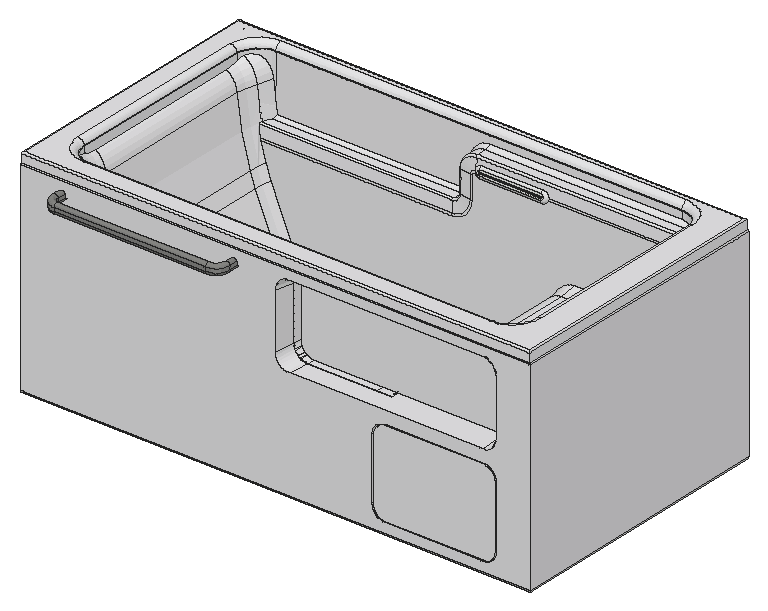
Revit family "Bath-Alcove-KOHLER-ALEUTIAN-K-24457T_1", category Plumbing Fixtures, host Face, Revit 2022
Family settings
  Host = Face
  Round Connector Dimension = Use Diameter
  Part Type = Normal
  OmniClass Number = 23.31.15.00
  OmniClass Title = Bathtubs
  Cut with Voids When Loaded = No
  Maintain Annotation Orientation = No
  Shared = No
  Room Calculation Point = No
Parameters (values of type "0-White")
  Width = 59 35/256"  # constant formula
  WaterSense Certified = 1 = 0  # no
  Waste Water Outlet = "Waste Water Outlet"  # constant formula
  Waste Connection = 1 = 1  # yes
  WFU = 0  # constant formula
  Vent Connection = 1 = 0  # no
  URL = "https://www.kohlerasiapacific.com/"
  Type = 1
  Product Page URL = "https://www.kohlerasiapacific.com/productDetails/24457T-FD?skuid=24457T-FD-0"
  Product Name = "ALEUTIAN"  # constant formula
  Product Documentation Link = "https://resources.kohler.com/plumbing/kohlerapac/pdf/family%20care%20bath%201.5m%203in1.pdf"
  Model = "K-24457T-FD-0"  # constant formula
  Material = "Acrylic"  # constant formula
  Master Format 2014 Name = "Residential Bathtubs"  # constant formula
  Master Format 2014 = "22 41 19"  # constant formula
  Manufacturer Address = "No. 158 Jiang Chang San Road, Zhabei District, Shanghai, China"  # constant formula
  Manufacturer = "KOHLER Co."  # constant formula
  Length = 34 3/32"  # constant formula
  Hot Water Inlet = "Hot Water Inlet"  # constant formula
  Height = 24 253/256"  # constant formula
  HWFU = 0  # constant formula
  HW Connection = 1 = 0  # no
  Finish = KOHLER-Acrylic-0-White
  Environmental Product Declaration = ""
  Drain Included = 1 = 1  # yes
  Description = "Integrated Bath 1.5m - Left Alcove w/ 3-in-1 Integrated Drain"  # constant formula
  Default Elevation = 0"
  Declare Label = ""
  Date Modified = "02/18/2022"  # constant formula
  Date Created = "02/18/2022"  # constant formula
  Copyright = "Copyright KOHLER Co."  # constant formula
  Contact Us = "https://www.kohlerasiapacific.com/contact-us"
  Cold Water Inlet = "Cold Water Inlet"  # constant formula
  CW Connection = 1 = 0  # no
  Assembly Code = "D2010500"
  ADA Compliant = 1 = 0  # no
Reference planes (in)
  plane 1 "Center (Front/Back)": y = 0
  plane 2: z = 0
  plane 3 "Center (Left/Right)": x = 0
  plane 4: y = 15.78763
  plane 5: y = -18.30612
  plane 6: x = -29.56836
  plane 7: x = 29.56836
  plane 8: y = 0.61609
  plane 9: y = -15.78763
  plane 10: z = 24.98828
  plane 11: z = 23.81873
  plane 12: z = 22.69989
  plane 13: z = 21.59783
  plane 14: x = -2.5986
  plane 15: x = -27.24905
  plane 16: x = 26.39625
  plane 17: y = 14.99791
  plane 18: y = -13.76805
  plane 19: z = 21.24861
  plane 20: z = 4.5674
  plane 21: z = 2.62323
  plane 22: x = -25.13228
Dimensions and locks (in)
  plane 8 to plane 9 = 16.40372"
  "Length": plane 4 to plane 5
  "Width": plane 6 to plane 7
  equal spacing: plane 6, plane 3 "Center (Left/Right)", plane 7
  equal spacing: plane 9, plane 1 "Center (Front/Back)", plane 4
  "Height": plane 10 to level
  plane 14 to plane 6 = 26.96976"
  plane 22 to plane 6 = 4.43608"
  aligned and locked: plane 2 to host face
  aligned and locked: level to host face
Automatic sketch dimensions
  host sketch curve to host sketch curve = 96"  (x2)
Nested families (in)
  nested 1: "K-24457T" at (0, 0, -0.3937), type "K-24457T"
Connectors (in)
  piping at (-2.5986, 0.61609, 2.62323), diameter 1.32813, driven by "Waste Connection", driven by "Waste Water Outlet"
    settings: on nested 1, index 1, connector inside diameter 24", connector length 0", flow factor 0, pipe flow 0 GPM, pressure drop 0.00 psi, fitting loss kfactor 0, connector angle 0.00°, fixture units 0, engagement length 0", angle of deflection 0.00°, flow configuration 0, flow direction 2, fitting loss method 0, system type 16, joint type 0, gender type 0, connector reference index -1, connector utility 1, adjustable connector no, is connector primary yes, connector description "Waste Water Outlet"
Definition of nested family "K-24457T"
  Parameters (values of type "K-24457T")
    Material = none
    Default Elevation = 0"
  Reference planes (in)
    plane 1 "Center (Front/Back)": y = 0
    plane 2: z = 0
    plane 3 "Center (Left/Right)": x = 0
    plane 4: y = 15.78763
    plane 5: x = -29.56785
    plane 6: x = 29.56785
    plane 7: y = -15.78763
    plane 8: z = 25.38264
    plane 9: x = -2.5986
    plane 10: y = 14.99791
    plane 11: y = 12.56379
    plane 12: y = 12.03174
    plane 13: y = -11.15573
    plane 14: y = -13.76805
    plane 15: y = -18.30677
    plane 16: x = -27.24905
    plane 17: x = -20.55012
    plane 18: x = -18.68966
    plane 19: x = 25.54777
    plane 20: x = 26.39625
    plane 21: z = 23.09376
    plane 22: z = 13.38583
    plane 23: z = 11.9685
    plane 24: z = 1.69291
    plane 25: z = 24.2126
    plane 26: z = 0.3937
    plane 27: y = 0.61609
    plane 28: z = 21.64248
    plane 29: z = 5.06768
  Forms (in)
    Sweep 1, solid, material <- "Material", detail levels medium+fine
      path origin (0, 0, 0) x (1, 0, 0) y (0, 1, 0)
        loop
          arc (23.16065, -12.94934) -> (24.95069, -12.20788) -> (25.69215, -10.41784) r 2.5315
          line (25.69215, -10.41784) -> (25.69215, 11.6477)
          arc (25.69215, 11.6477) -> (24.95069, 13.43774) -> (23.16065, 14.1792) r 2.5315
          line (23.16065, 14.1792) -> (-23.89884, 14.1792)
          arc (-23.89884, 14.1792) -> (-25.68888, 13.43774) -> (-26.43034, 11.6477) r 2.5315
          line (-26.43034, 11.6477) -> (-26.43034, -10.41784)
          arc (-26.43034, -10.41784) -> (-25.68888, -12.20788) -> (-23.89884, -12.94934) r 2.5315
          line (-23.89884, -12.94934) -> (23.16065, -12.94934)
      profile origin (-0.36909, -12.94934, 0) x (0, -1, 0) y (0, 0, 1)
        loop
          line (0.01724, 24.60225) -> (-0.40532, 0.3937) -> (0.62186, 0.3937)
          arc (0.62186, 0.3937) -> (0.76105, 0.45136) -> (0.81871, 0.59055) r 0.19685
          line (0.81871, 0.59055) -> (0.81871, 25.38311) -> (0.74904, 25.38311)
          arc (0.74904, 25.38311) -> (0.24848, 25.18427) -> (0.0208, 24.69615) r 0.72949
          arc (0.0208, 24.69615) -> (0.01854, 24.64922) -> (0.01724, 24.60225) r 2.29868
    Sweep 2, solid, material <- "Material", detail levels medium+fine
      path origin (0, 0, 0) x (1, 0, 0) y (0, 1, 0)
        loop
          line (29.56601, -15.78763) -> (29.56601, 15.78717) -> (-29.56785, 15.78717) -> (-29.56785, -15.78763) -> (29.56601, -15.78763)
      profile origin (29.56601, -0.00023, 0) x (-1, 0, 0) y (0, 0, 1)
        loop
          line (0.07874, 24.2126) -> (0.19811, 24.2126)
          arc (0.19811, 24.2126) -> (0.05802, 24.15457) -> (0, 24.01449) r 0.19811
          line (0, 24.01449) -> (0, 0.59055)
          arc (0, 0.59055) -> (0.05766, 0.45136) -> (0.19685, 0.3937) r 0.19685
          line (0.19685, 0.3937) -> (0.49213, 0.3937) -> (0.49213, 25.38311) -> (0.30971, 25.38311)
          arc (0.30971, 25.38311) -> (0.17297, 25.32786) -> (0.11298, 25.19313) r 0.19685
          line (0.11298, 25.19313) -> (0.07874, 24.2126)
    Sweep 3, solid, material <- "Material", detail levels medium+fine
      path origin (0, 0, 0) x (1, 0, 0) y (0, 0, 1)
        loop
          line (-26.26751, 18.19259) -> (-1.85806, 18.19259)
          arc (-1.85806, 18.19259) -> (-1.44414, 18.36193) -> (-1.2676, 18.77283) r 0.59055
          line (-1.2676, 18.77283) -> (-1.22025, 21.48429)
          arc (-1.22025, 21.48429) -> (-0.57294, 22.99093) -> (0.94478, 23.61184) r 2.16535
          line (0.94478, 23.61184) -> (28.50383, 23.61184)
      profile origin (-14.06278, 0, 18.19259) x (0, 0, 1) y (0, -1, 0)
        loop
          line (-0.19067, -13.52942) -> (-0.19067, -12.36701)
          arc (-0.19067, -12.36701) -> (-0.24158, -12.2349) -> (-0.36798, -12.17113) r 0.19685
          line (-0.36798, -12.17113) -> (-1.63443, -12.04481)
          arc (-1.63443, -12.04481) -> (-1.76563, -12.03501) -> (-1.89716, -12.03174) r 2.6471
          line (-1.89716, -12.03174) -> (-1.96232, -12.03174) -> (-1.96232, -14.68761) -> (0.58301, -14.68761) -> (0.58301, -14.40463) -> (0.24172, -14.23224)
          arc (0.24172, -14.23224) -> (-0.07391, -13.94201) -> (-0.19067, -13.52942) r 0.7874
    Extrusion 4, solid, material <- "Material", detail levels medium+fine
      sketch origin (0, 0, 0) x (1, 0, 0) y (0, 0, 1)
        loop
          line (-26.26751, 16.23027) -> (-26.26751, 0.3937) -> (28.50383, 0.3937) -> (28.50383, 21.64952) -> (0.94478, 21.64952)
          arc (0.94478, 21.64952) -> (0.80247, 21.5913) -> (0.74177, 21.45003) r 0.20304
          line (0.74177, 21.45003) -> (0.69442, 18.73857)
          arc (0.69442, 18.73857) -> (-0.06873, 16.9623) -> (-1.85806, 16.23027) r 2.55287
          line (-1.85806, 16.23027) -> (-26.26751, 16.23027)
      from -14.68761 to -12.03174
    Sweep 5, solid, material <- "Material", detail levels medium+fine
      path origin (0, 1.23031, 0) x (1, 0, 0) y (0, 0, -1)
        loop
          line (-26.26751, -18.19259) -> (-1.85806, -18.19259)
          arc (-1.85806, -18.19259) -> (-1.44414, -18.36193) -> (-1.2676, -18.77283) r 0.59055
          line (-1.2676, -18.77283) -> (-1.22025, -21.48429)
          arc (-1.22025, -21.48429) -> (-0.57294, -22.99093) -> (0.94478, -23.61184) r 2.16535
          line (0.94478, -23.61184) -> (28.50383, -23.61184)
      profile origin (-14.06278, 1.23031, 18.19259) x (0, 0, -1) y (0, 1, 0)
        loop
          arc (0.19067, -13.52942) -> (0.07391, -13.94201) -> (-0.24172, -14.23224) r 0.7874
          line (-0.24172, -14.23224) -> (-0.58301, -14.40463) -> (-0.58301, -14.68761) -> (1.96232, -14.68761) -> (1.96232, -12.03174) -> (1.89716, -12.03174)
          arc (1.89716, -12.03174) -> (1.76563, -12.03501) -> (1.63443, -12.04481) r 2.6471
          line (1.63443, -12.04481) -> (0.36798, -12.17113)
          arc (0.36798, -12.17113) -> (0.24158, -12.2349) -> (0.19067, -12.36701) r 0.19685
          line (0.19067, -12.36701) -> (0.19067, -13.52942)
    Extrusion 6, solid, material <- "Material", detail levels medium+fine
      sketch origin (0, 1.23031, 0) x (1, 0, 0) y (0, 0, -1)
        loop
          line (-26.26751, -16.23027) -> (-1.85806, -16.23027)
          arc (-1.85806, -16.23027) -> (-0.06873, -16.9623) -> (0.69442, -18.73857) r 2.55287
          line (0.69442, -18.73857) -> (0.74177, -21.45003)
          arc (0.74177, -21.45003) -> (0.80247, -21.5913) -> (0.94478, -21.64952) r 0.20304
          line (0.94478, -21.64952) -> (28.50383, -21.64952) -> (28.50383, -0.3937) -> (-26.26751, -0.3937) -> (-26.26751, -16.23027)
      from -14.65606 to -12.03174
    Sweep 7, solid, material <- "Material", detail levels medium+fine
      path origin (0, 0, 0) x (1, 0, 0) y (0, 0, 1)
        loop
          line (26.43034, 24.60228) -> (25.66509, 15.85543)
          arc (25.66509, 15.85543) -> (25.07617, 14.63447) -> (23.82607, 14.11026) r 1.91307
          line (23.82607, 14.11026) -> (12.45388, 13.71314)
          arc (12.45388, 13.71314) -> (11.13064, 13.13777) -> (10.55528, 11.81453) r 1.9685
          line (10.55528, 11.81453) -> (10.37477, 6.64546)
          arc (10.37477, 6.64546) -> (9.96766, 5.6733) -> (9.01902, 5.21404) r 1.48932
          arc (9.01902, 5.21404) -> (-4.83552, 4.59796) -> (-18.68966, 5.2229) r 154.97601
          arc (-18.68966, 5.2229) -> (-19.82526, 5.6273) -> (-20.62386, 6.53028) r 2.41471
          arc (-20.62386, 6.53028) -> (-21.98524, 9.45527) -> (-23.13116, 12.47119) r 44.50953
          arc (-23.13116, 12.47119) -> (-23.40091, 13.2706) -> (-23.6684, 14.07077) r 297.32486
          arc (-23.6684, 14.07077) -> (-24.66509, 17.8032) -> (-25.206, 21.62837) r 32.08661
          arc (-25.206, 21.62837) -> (-26.08405, 23.43279) -> (-27.95304, 24.16339) r 2.75591
          line (-27.95304, 24.16339) -> (-29.2531, 24.16339)
      profile origin (18.13998, 0, 13.9117) x (0.0349, 0, -0.999391) y (0, -1, 0)
        loop
          line (0, 8.87975) -> (0, -10.11193)
          arc (0, -10.11193) -> (-0.11959, -11.3086) -> (-0.47363, -12.45794) r 6.04704
          arc (-0.47363, -12.45794) -> (-0.86605, -13.5173) -> (-1.16462, -14.60685) r 12.94438
          line (-1.16462, -14.60685) -> (0.09843, -14.60685) -> (0.09843, 13.42574) -> (-1.16462, 13.42574)
          arc (-1.16462, 13.42574) -> (-1.03627, 12.39801) -> (-0.65563, 11.43478) r 4.11948
          arc (-0.65563, 11.43478) -> (-0.16652, 10.19865) -> (0, 8.87975) r 5.30632
    Extrusion 8, solid, material <- "Material", detail levels medium+fine
      sketch origin (0, 0, 0) x (1, 0, 0) y (0, 1, 0)
        loop
          line (29.07388, -15.29551) -> (29.07388, 15.29504) -> (-29.07573, 15.29504) -> (-29.07573, -15.29551) -> (29.07388, -15.29551)
        loop
          line (-27.24905, 11.6477) -> (-27.24905, -10.41784)
          arc (-27.24905, -10.41784) -> (-26.2678, -12.78679) -> (-23.89884, -13.76805) r 3.35021
          line (-23.89884, -13.76805) -> (23.16065, -13.76805)
          arc (23.16065, -13.76805) -> (25.52961, -12.78679) -> (26.51086, -10.41784) r 3.35021
          line (26.51086, -10.41784) -> (26.51086, 11.6477)
          arc (26.51086, 11.6477) -> (25.52961, 14.01666) -> (23.16065, 14.99791) r 3.35021
          line (23.16065, 14.99791) -> (-23.89884, 14.99791)
          arc (-23.89884, 14.99791) -> (-26.2678, 14.01666) -> (-27.24905, 11.6477) r 3.35021
      from 0.3937 to 25.38311
    Extrusion 9, void
      sketch origin (0, 0, 0) x (1, 0, 0) y (0, 0, 1)
        loop
          line (28.50383, -0.3937) -> (28.50383, 24.2126) -> (-30.1584, 24.2126) -> (-30.1584, -0.3937) -> (28.50383, -0.3937)
      from -17.47002 to 15.00023
    Extrusion 10, void
      sketch origin (0, 0, 0) x (1, 0, 0) y (0, 0, 1)
        loop
          line (-30.35525, -1.1811) -> (28.50383, -1.1811) -> (28.50383, 24.2126) -> (26.39625, 24.2126) -> (25.66509, 15.85543)
          arc (25.66509, 15.85543) -> (25.07617, 14.63447) -> (23.82607, 14.11026) r 1.91307
          line (23.82607, 14.11026) -> (12.45388, 13.71314)
          arc (12.45388, 13.71314) -> (11.13064, 13.13777) -> (10.55528, 11.81453) r 1.9685
          line (10.55528, 11.81453) -> (10.37477, 6.64546)
          arc (10.37477, 6.64546) -> (9.96766, 5.6733) -> (9.01902, 5.21404) r 1.48932
          arc (9.01902, 5.21404) -> (-4.83552, 4.59796) -> (-18.68966, 5.2229) r 154.97601
          arc (-18.68966, 5.2229) -> (-19.82526, 5.6273) -> (-20.62386, 6.53028) r 2.41471
          arc (-20.62386, 6.53028) -> (-21.98524, 9.45527) -> (-23.13116, 12.47119) r 44.50953
          arc (-23.13116, 12.47119) -> (-23.40091, 13.2706) -> (-23.6684, 14.07077) r 297.32486
          arc (-23.6684, 14.07077) -> (-24.61725, 17.57237) -> (-25.16476, 21.1587) r 32.08661
          arc (-25.16476, 21.1587) -> (-25.72528, 22.71994) -> (-26.96515, 23.82193) r 3.3556
          arc (-26.96515, 23.82193) -> (-27.50513, 24.05538) -> (-28.072, 24.2126) r 4.28115
          line (-28.072, 24.2126) -> (-30.35525, 24.2126) -> (-30.35525, -1.1811)
      from -17.48059 to 15.00023
    Sweep 11, solid, material <- "Material", detail levels medium+fine
      path origin (0, 0, 0) x (1, 0, 0) y (0, 1, 0)
        loop
          line (21.14012, 15.78717) -> (14.84776, 15.78717)
          arc (14.84776, 15.78717) -> (12.38033, 14.76513) -> (11.35829, 12.2977) r 3.48948
          line (11.35829, 12.2977) -> (11.35829, -9.34471)
          arc (11.35829, -9.34471) -> (12.37998, -11.81129) -> (14.84656, -12.83299) r 3.48828
          line (14.84656, -12.83299) -> (21.13598, -12.83299)
          arc (21.13598, -12.83299) -> (23.60247, -11.81133) -> (24.62412, -9.34485) r 3.48814
          line (24.62412, -9.34485) -> (24.62412, 12.30318)
          arc (24.62412, 12.30318) -> (23.60368, 14.76673) -> (21.14012, 15.78717) r 3.48399
      profile origin (11.35829, 1.47649, 0) x (1, 0, 0) y (0, 0, 1)
        loop
          line (0.3269, 9.52635) -> (0.71182, 2.18151)
          arc (0.71182, 2.18151) -> (0.80917, 1.97035) -> (1.02513, 1.88419) r 0.31374
          line (1.02513, 1.88419) -> (1.5748, 1.88419) -> (1.5748, 8.00623) -> (1.15733, 8.00623)
          arc (1.15733, 8.00623) -> (0.94156, 8.09231) -> (0.84431, 8.30328) r 0.31345
          line (0.84431, 8.30328) -> (0.77232, 9.67684)
          arc (0.77232, 9.67684) -> (0.67479, 9.88841) -> (0.4584, 9.97474) r 0.31435
          line (0.4584, 9.97474) -> (0.03939, 9.97474)
          arc (0.03939, 9.97474) -> (0.01154, 9.9632) -> (0, 9.93535) r 0.03939
          line (0, 9.93535) -> (0, 9.79757)
          arc (0, 9.79757) -> (0.01148, 9.76973) -> (0.03925, 9.75808) r 0.03949
          arc (0.03925, 9.75808) -> (0.0115, 9.74659) -> (0, 9.71883) r 0.03925
          line (0, 9.71883) -> (0, 9.63955)
          arc (0, 9.63955) -> (0.01137, 9.61209) -> (0.03883, 9.60072) r 0.03883
          line (0.03883, 9.60072) -> (0.24852, 9.60072)
          arc (0.24852, 9.60072) -> (0.30255, 9.57917) -> (0.3269, 9.52635) r 0.07848
    Extrusion 12, solid, material <- "Material", detail levels medium+fine
      sketch origin (0, 0, 0) x (1, 0, 0) y (0, 1, 0)
        loop
          arc (23.04932, 12.30318) -> (22.49013, 13.65318) -> (21.14012, 14.21237) r 1.90919
          line (21.14012, 14.21237) -> (14.84776, 14.21237)
          arc (14.84776, 14.21237) -> (13.49388, 13.65157) -> (12.93309, 12.2977) r 1.91467
          line (12.93309, 12.2977) -> (12.93309, -9.34471)
          arc (12.93309, -9.34471) -> (13.49353, -10.69774) -> (14.84656, -11.25818) r 1.91347
          line (14.84656, -11.25818) -> (21.13598, -11.25818)
          arc (21.13598, -11.25818) -> (22.48891, -10.69778) -> (23.04932, -9.34485) r 1.91334
          line (23.04932, -9.34485) -> (23.04932, 12.30318)
      from 1.88419 to 8.00623
    Blend 13, void
      base sketch origin (0, 0, 0) x (1, 0, 0) y (0, 0, 1)
        loop
          arc (1.90753, 22.73722) -> (0.79398, 22.27597) -> (0.33273, 21.16241) r 1.5748
          line (0.33273, 21.16241) -> (0.33273, 14.96063)
          arc (0.33273, 14.96063) -> (0.79397, 13.84708) -> (1.90753, 13.38583) r 1.5748
          line (1.90753, 13.38583) -> (23.75992, 13.38583)
          arc (23.75992, 13.38583) -> (24.87347, 13.84708) -> (25.33472, 14.96063) r 1.5748
          line (25.33472, 14.96063) -> (25.33472, 21.16241)
          arc (25.33472, 21.16241) -> (24.87347, 22.27597) -> (23.75992, 22.73722) r 1.5748
          line (23.75992, 22.73722) -> (1.90753, 22.73722)
      top sketch origin (0, 0, 0) x (1, 0, 0) y (0, 0, 1)
        loop
          line (24.03847, 23.01577) -> (1.62897, 23.01577)
          arc (1.62897, 23.01577) -> (0.51542, 22.55453) -> (0.05417, 21.44097) r 1.5748
          line (0.05417, 21.44097) -> (0.05417, 14.96891)
          arc (0.05417, 14.96891) -> (0.51784, 13.8495) -> (1.63725, 13.38583) r 1.58308
          line (1.63725, 13.38583) -> (24.03188, 13.38583)
          arc (24.03188, 13.38583) -> (25.1501, 13.84901) -> (25.61328, 14.96722) r 1.5814
          line (25.61328, 14.96722) -> (25.61328, 21.44097)
          arc (25.61328, 21.44097) -> (25.15203, 22.55453) -> (24.03847, 23.01577) r 1.5748
      from 12.42604 to 15.78763
    Extrusion 14, void
      sketch origin (0, 0, 0) x (1, 0, 0) y (0, 0, 1)
        loop
          line (11.21955, 10.3937) -> (11.21955, 3.28391)
          arc (11.21955, 3.28391) -> (11.68554, 2.15891) -> (12.81055, 1.69291) r 1.591
          line (12.81055, 1.69291) -> (24.16365, 1.69291)
          arc (24.16365, 1.69291) -> (25.22765, 2.13363) -> (25.66837, 3.19763) r 1.50472
          line (25.66837, 3.19763) -> (25.66837, 10.46835)
          arc (25.66837, 10.46835) -> (25.22898, 11.52912) -> (24.16821, 11.9685) r 1.50016
          line (24.16821, 11.9685) -> (12.79435, 11.9685)
          arc (12.79435, 11.9685) -> (11.6808, 11.50725) -> (11.21955, 10.3937) r 1.5748
        loop
          line (24.16821, 11.81102) -> (12.79435, 11.81102)
          arc (12.79435, 11.81102) -> (11.79215, 11.3959) -> (11.37703, 10.3937) r 1.41732
          line (11.37703, 10.3937) -> (11.37703, 3.28391)
          arc (11.37703, 3.28391) -> (11.7969, 2.27026) -> (12.81055, 1.85039) r 1.43352
          line (12.81055, 1.85039) -> (24.16365, 1.85039)
          arc (24.16365, 1.85039) -> (25.11629, 2.24499) -> (25.51089, 3.19763) r 1.34723
          line (25.51089, 3.19763) -> (25.51089, 10.46835)
          arc (25.51089, 10.46835) -> (25.11763, 11.41776) -> (24.16821, 11.81102) r 1.34268
      from 15.31519 to 16.25158
    Revolve 15, solid, detail levels medium+fine
      sketch origin (-2.5986, 0, -0.02461) x (0, 1, 0) y (0, 0, 1)
        loop
          arc (1.87125, 4.17401) -> (1.9904, 4.19771) -> (2.0914, 4.2652) r 0.31134
          line (2.0914, 4.2652) -> (2.38946, 4.56326)
          arc (2.38946, 4.56326) -> (2.40394, 4.57767) -> (2.4185, 4.59201) r 4.1639
          line (2.4185, 4.59201) -> (1.2657, 4.59201) -> (1.2657, 4.86432) -> (1.96945, 4.86432)
          arc (1.96945, 4.86432) -> (1.99378, 4.88564) -> (1.97584, 4.91255) r 0.02454
          arc (1.97584, 4.91255) -> (1.30191, 5.04743) -> (0.61609, 5.09265) r 5.22288
          line (0.61609, 5.09265) -> (0.61609, 3.04154) -> (1.50782, 3.04154) -> (1.54719, 3.08091) -> (1.54719, 4.17401) -> (1.87125, 4.17401)
        axis (0.61609, 5.09265) -> (0.61609, 3.04154)
      angle from 0 to 360
    Extrusion 16, solid, material <- "Material", detail levels medium+fine
      sketch origin (0, 0, 0) x (0, 1, 0) y (0, 0, 1)
        loop
          line (-15.78763, 23.07302) -> (-15.78763, 12.99213) -> (-11.26007, 12.99213) -> (-11.26007, 17.32283) -> (-12.24433, 17.32283) -> (-12.24433, 23.07302) -> (-15.78763, 23.07302)
      from 0 to 25.61328
    Sweep 17, solid, detail levels medium+fine
      path origin (0, 0, 0) x (1, 0, 0) y (0, 1, 0)
        loop
          line (-4.8661, -15.47267) -> (-4.8661, -16.77148)
          arc (-4.8661, -16.77148) -> (-5.21203, -17.60665) -> (-6.0472, -17.95259) r 1.1811
          line (-6.0472, -17.95259) -> (-23.60601, -17.95259)
          arc (-23.60601, -17.95259) -> (-24.44118, -17.60665) -> (-24.78711, -16.77148) r 1.1811
          line (-24.78711, -16.77148) -> (-24.78711, -15.33251)
      profile origin (-24.78711, -16.052, 0) x (-1, 0, 0) y (0, 0, 1)
        loop
          arc (0.34512, 22.31056) -> (0.3544, 22.54267) -> (0.34517, 22.77479) r 2.91579
          arc (0.34517, 22.77479) -> (-0.00026, 23.09376) -> (-0.34568, 22.77479) r 0.34652
          arc (-0.34568, 22.77479) -> (-0.35491, 22.54267) -> (-0.34563, 22.31056) r 2.91579
          arc (-0.34563, 22.31056) -> (-0.00026, 21.9917) -> (0.34512, 22.31056) r 0.34648
    Extrusion 18, solid, material <- "Material", detail levels medium+fine
      sketch origin (0, 0, 0) x (1, 0, 0) y (0, 1, 0)
        loop
          circle (-2.5986, 0.61609) r 0.66929
      from 3.01693 to 4.35205
    Extrusion 19, solid, material <- "Material", detail levels coarse
      sketch origin (0, 0, 0) x (1, 0, 0) y (0, 1, 0)
        loop
          line (29.56863, 15.96306) -> (27.4254, 15.96306) -> (27.4254, -15.03694) -> (-29.5746, -15.03694) -> (-29.5746, -15.78694) -> (29.56863, -15.78694) -> (29.56863, 15.96306)
      from 0 to 25.32801
    Extrusion 20, solid, material <- "Material", detail levels coarse
      sketch origin (0, 0, 0) x (1, 0, 0) y (0, 1, 0)
        loop
          line (30.4254, -15.79032) -> (30.4254, 15.78986) -> (-30.3823, 15.78986) -> (-30.3823, -15.79032) -> (30.4254, -15.79032)
        loop
          line (25.61328, -13.52984) -> (25.61328, 14.47016) -> (-27.36892, 14.47016) -> (-27.36892, -13.52984) -> (25.61328, -13.52984)
      from 23.42117 to 25.32801
    Extrusion 21, solid, material <- "Material", detail levels coarse
      sketch origin (0, 0, 0) x (1, 0, 0) y (0, 0, 1)
        loop
          line (26.3947, 24.19485) -> (25.66509, 15.85543)
          arc (25.66509, 15.85543) -> (25.07617, 14.63447) -> (23.82607, 14.11026) r 1.91307
          line (23.82607, 14.11026) -> (12.45388, 13.71314)
          arc (12.45388, 13.71314) -> (11.13064, 13.13777) -> (10.55528, 11.81453) r 1.9685
          line (10.55528, 11.81453) -> (10.37477, 6.64546)
          arc (10.37477, 6.64546) -> (9.96766, 5.6733) -> (9.01902, 5.21404) r 1.48932
          arc (9.01902, 5.21404) -> (-4.83552, 4.59796) -> (-18.68966, 5.2229) r 154.97601
          arc (-18.68966, 5.2229) -> (-19.82526, 5.6273) -> (-20.62386, 6.53028) r 2.41471
          arc (-20.62386, 6.53028) -> (-21.98524, 9.45527) -> (-23.13116, 12.47119) r 44.50953
          arc (-23.13116, 12.47119) -> (-23.40091, 13.2706) -> (-23.6684, 14.07077) r 297.32486
          arc (-23.6684, 14.07077) -> (-24.61725, 17.57237) -> (-25.16476, 21.1587) r 32.08661
          arc (-25.16476, 21.1587) -> (-25.72528, 22.71994) -> (-26.96515, 23.82193) r 3.3556
          line (-26.96515, 23.82193) -> (-25.30411, 21.62048)
          arc (-25.30411, 21.62048) -> (-24.76154, 17.78358) -> (-23.76179, 14.03969) r 32.18504
          arc (-23.76179, 14.03969) -> (-23.49422, 13.23926) -> (-23.22438, 12.43959) r 297.42328
          arc (-23.22438, 12.43959) -> (-22.07592, 9.417) -> (-20.71153, 6.48554) r 44.60795
          arc (-20.71153, 6.48554) -> (-19.88038, 5.54576) -> (-18.69849, 5.12487) r 2.51313
          arc (-18.69849, 5.12487) -> (-4.83555, 4.49954) -> (9.02779, 5.116) r 155.07443
          arc (9.02779, 5.116) -> (10.03912, 5.60562) -> (10.47313, 6.64203) r 1.58775
          line (10.47313, 6.64203) -> (10.65364, 11.8111)
          arc (10.65364, 11.8111) -> (11.20023, 13.06818) -> (12.45732, 13.61477) r 1.87008
          line (12.45732, 13.61477) -> (23.82951, 14.0119)
          arc (23.82951, 14.0119) -> (25.14392, 14.56308) -> (25.76314, 15.84685) r 2.01149
          line (25.76314, 15.84685) -> (26.52839, 24.5937) -> (26.3947, 24.19485)
      from -14.68761 to 13.42574
    Extrusion 22, solid, material <- "Material", detail levels coarse
      sketch origin (0, 0, 0) x (1, 0, 0) y (0, 0, 1)
        loop
          line (26.3947, 24.19485) -> (-28.40902, 24.19485)
          arc (-28.40902, 24.19485) -> (-26.21237, 23.29068) -> (-25.16476, 21.1587) r 3.3556
          arc (-25.16476, 21.1587) -> (-24.61725, 17.57237) -> (-23.6684, 14.07077) r 32.08661
          arc (-23.6684, 14.07077) -> (-23.40091, 13.2706) -> (-23.13116, 12.47119) r 297.32486
          arc (-23.13116, 12.47119) -> (-21.98524, 9.45527) -> (-20.62386, 6.53028) r 44.50953
          arc (-20.62386, 6.53028) -> (-19.82526, 5.6273) -> (-18.68966, 5.2229) r 2.41471
          arc (-18.68966, 5.2229) -> (-4.83552, 4.59796) -> (9.01902, 5.21404) r 154.97601
          arc (9.01902, 5.21404) -> (9.96766, 5.6733) -> (10.37477, 6.64546) r 1.48932
          line (10.37477, 6.64546) -> (10.55528, 11.81453)
          arc (10.55528, 11.81453) -> (11.13064, 13.13777) -> (12.45388, 13.71314) r 1.9685
          line (12.45388, 13.71314) -> (23.82607, 14.11026)
          arc (23.82607, 14.11026) -> (25.07617, 14.63447) -> (25.66509, 15.85543) r 1.91307
          line (25.66509, 15.85543) -> (26.3947, 24.19485)
      from -14.68761 to -12.03174
    Extrusion 23, solid, material <- "Material", detail levels coarse
      sketch origin (0, 0, 0) x (1, 0, 0) y (0, 0, 1)
        loop
          line (11.34943, 9.97784) -> (11.34943, 9.59308) -> (11.68487, 9.59308) -> (12.09064, 1.85039) -> (23.89131, 1.85039) -> (24.29708, 9.59308) -> (24.63252, 9.59308) -> (24.63252, 9.97784) -> (11.34943, 9.97784)
      from -15.78717 to 12.89028
    Blend 24, solid, material <- "Material", detail levels medium+fine
      base sketch origin (0, 0, 0) x (1, 0, 0) y (0, 1, 0)
        loop
          line (6.22925, 8.68719) -> (-16.14871, 8.68719)
          arc (-16.14871, 8.68719) -> (-17.56292, 8.1014) -> (-18.14871, 6.68719) r 2
          line (-18.14871, 6.68719) -> (-18.14871, -5.45454)
          arc (-18.14871, -5.45454) -> (-17.56292, -6.86876) -> (-16.14871, -7.45454) r 2
          line (-16.14871, -7.45454) -> (6.22925, -7.45454)
          arc (6.22925, -7.45454) -> (7.64346, -6.86876) -> (8.22925, -5.45454) r 2
          line (8.22925, -5.45454) -> (8.22925, 6.68719)
          arc (8.22925, 6.68719) -> (7.64346, 8.1014) -> (6.22925, 8.68719) r 2
      top sketch origin (0, 0, 0) x (1, 0, 0) y (0, 1, 0)
        loop
          line (-16.15389, -7.10021) -> (6.23429, -7.10021)
          arc (6.23429, -7.10021) -> (7.39439, -6.61968) -> (7.87492, -5.45959) r 1.64063
          line (7.87492, -5.45959) -> (7.87492, 6.83286)
          arc (7.87492, 6.83286) -> (7.43558, 7.89352) -> (6.37492, 8.33286) r 1.5
          line (6.37492, 8.33286) -> (-16.15375, 8.33286)
          arc (-16.15375, 8.33286) -> (-17.31385, 7.85233) -> (-17.79438, 6.69223) r 1.64063
          line (-17.79438, 6.69223) -> (-17.79438, -5.45973)
          arc (-17.79438, -5.45973) -> (-17.31389, -6.61973) -> (-16.15389, -7.10021) r 1.64049
      from 4.68541 to 4.33107
    Sweep 25, solid, detail levels medium+fine
      path origin (0.94478, 12.04481, 21.97741) x (1, 0, 0) y (0, 0.099249, 0.995063)
        loop
          line (0.67813, -1.08966) -> (7.78541, -1.08966)
          arc (7.78541, -1.08966) -> (8.87299, -0.00208) -> (7.78541, 1.08549) r 1.08757
          line (7.78541, 1.08549) -> (0.67813, 1.08549)
          arc (0.67813, 1.08549) -> (-0.40944, -0.00208) -> (0.67813, -1.08966) r 1.08757
      profile origin (5.17655, 11.93667, 20.89313) x (0, 0.099249, 0.995063) y (0, -0.995063, 0.099249)
        loop
          line (0.97908, 0.23031) -> (0.76691, 0.23031)
          arc (0.76691, 0.23031) -> (0.49747, 0.11455) -> (0.39598, -0.16057) r 0.37144
          line (0.39598, -0.16057) -> (0.42249, -0.66654) -> (1.01673, -0.66654) -> (1.01673, 0.02129) -> (0.97908, 0.02129) -> (0.97908, 0.23031)
    Extrusion 26, solid, detail levels medium+fine
      sketch origin (1.62291, 12.70083, 21.83868) x (1, 0, 0) y (0, -0.099249, -0.995063)
        loop
          arc (7.10728, -0.14169) -> (7.17813, -0.07085) -> (7.10728, 0) r 0.07085
          line (7.10728, 0) -> (0, 0)
          arc (0, 0) -> (-0.07085, -0.07085) -> (0, -0.14169) r 0.07085
          line (0, -0.14169) -> (7.10728, -0.14169)
      from -0.89685 to 0
    Extrusion 27, solid, detail levels coarse
      sketch origin (1.62291, 12.70083, 21.83868) x (1, 0, 0) y (0, -0.099249, -0.995063)
        loop
          line (7.10728, 0.49475) -> (0, 0.49475)
          arc (0, 0.49475) -> (-0.66508, -0.17033) -> (0, -0.83541) r 0.66508
          line (0, -0.83541) -> (7.10728, -0.83541)
          arc (7.10728, -0.83541) -> (7.77236, -0.17033) -> (7.10728, 0.49475) r 0.66508
      from -1.0204 to 1.05875
    Sweep 28, solid, detail levels coarse
      path origin (0, 0, 0) x (1, 0, 0) y (0, 1, 0)
        loop
          line (-4.8661, -15.47267) -> (-4.8661, -17.95259) -> (-24.78711, -17.95259) -> (-24.78711, -15.33251)
      profile origin (-24.78711, -16.64255, 0) x (-1, 0, 0) y (0, 0, 1)
        loop
          arc (0.34512, 22.31056) -> (0.3544, 22.54267) -> (0.34517, 22.77479) r 2.91579
          arc (0.34517, 22.77479) -> (-0.00026, 23.09376) -> (-0.34568, 22.77479) r 0.34652
          arc (-0.34568, 22.77479) -> (-0.35491, 22.54267) -> (-0.34563, 22.31056) r 2.91579
          arc (-0.34563, 22.31056) -> (-0.00026, 21.9917) -> (0.34512, 22.31056) r 0.34648
    Extrusion 29, solid, material <- "Material", detail levels medium+fine
      sketch origin (0, 0, 0) x (1, 0, 0) y (0, 0, 1)
        loop
          arc (1.90753, 22.75297) -> (0.78284, 22.2871) -> (0.31698, 21.16241) r 1.59055
          line (0.31698, 21.16241) -> (0.31698, 14.96063)
          arc (0.31698, 14.96063) -> (0.78284, 13.83594) -> (1.90753, 13.37008) r 1.59055
          line (1.90753, 13.37008) -> (23.75992, 13.37008)
          arc (23.75992, 13.37008) -> (24.88461, 13.83594) -> (25.35047, 14.96063) r 1.59055
          line (25.35047, 14.96063) -> (25.35047, 21.16241)
          arc (25.35047, 21.16241) -> (24.88461, 22.2871) -> (23.75992, 22.75296) r 1.59055
          line (23.75992, 22.75296) -> (1.90753, 22.75297)
      from 12.42604 to 12.54331
    Extrusion 30, solid, material <- "Material", detail levels medium+fine
      sketch origin (0, 0, 0) x (1, 0, 0) y (0, 0, 1)
        loop
          line (25.07782, 2.97631) -> (25.07782, 11.44087) -> (24.80223, 11.44087) -> (24.80223, 2.97631)
          arc (24.80223, 2.97631) -> (24.4217, 2.05762) -> (23.50301, 1.67709) r 1.29921
          line (23.50301, 1.67709) -> (12.48487, 1.67709)
          arc (12.48487, 1.67709) -> (11.56619, 2.05762) -> (11.18566, 2.97631) r 1.29921
          line (11.18566, 2.97631) -> (11.18566, 11.44087) -> (10.91007, 11.44087) -> (10.91007, 2.97631)
          arc (10.91007, 2.97631) -> (11.37132, 1.86275) -> (12.48487, 1.4015) r 1.5748
          line (12.48487, 1.4015) -> (23.50301, 1.4015)
          arc (23.50301, 1.4015) -> (24.61657, 1.86275) -> (25.07782, 2.97631) r 1.5748
      from -12.03174 to 15.00023
    Extrusion 31, void
      sketch origin (0, 0, 0) x (1, 0, 0) y (0, 0, 1)
        loop
          line (-26.26751, 17.40519) -> (-26.26751, -3.15982) -> (28.50383, -3.15982) -> (28.50383, 22.82444) -> (1.33848, 22.82444)
          arc (1.33848, 22.82444) -> (-0.17923, 22.20353) -> (-0.82655, 20.69689) r 2.16535
          line (-0.82655, 20.69689) -> (-0.8739, 17.98543)
          arc (-0.8739, 17.98543) -> (-1.05043, 17.57453) -> (-1.46436, 17.40519) r 0.59055
          line (-1.46436, 17.40519) -> (-26.26751, 17.40519)
      from -17.65377 to -12.58234
  Cuts and joins
    Extrusion 10, Extrusion 31 cuts Sweep 3
    Extrusion 10, Extrusion 31 cuts Extrusion 4
    Blend 13, Extrusion 31 cuts Sweep 7
    joined: Sweep 3, Extrusion 4, Sweep 7
    Extrusion 10, Blend 13 cuts Sweep 5
    Extrusion 10, Blend 13 cuts Extrusion 6
    joined: Sweep 5, Extrusion 6
    Extrusion 10, Blend 13, Extrusion 31 cuts Sweep 1
    Extrusion 9, Blend 13, Extrusion 14 cuts Sweep 2
    Extrusion 9, Blend 13 cuts Extrusion 8
    Blend 13 cuts Extrusion 16
    joined: Sweep 1, Sweep 2, Extrusion 8, Sweep 11, Extrusion 12, Extrusion 16, Extrusion 30
    joined: Extrusion 19, Extrusion 20, Extrusion 21, Extrusion 22, Extrusion 23
    joined: Sweep 25, Extrusion 26
  Lines and regions (in)
    Masking region 1
      outline origin (0, 0, 0) x (1, 0, 0) y (0, 1, 0)
        loop
          arc (-29.17415, 15.78763) -> (-29.45254, 15.67232) -> (-29.56785, 15.39393) r 0.3937
          line (-29.56785, 15.39393) -> (-29.56785, -15.39393)
          arc (-29.56785, -15.39393) -> (-29.45254, -15.67232) -> (-29.17415, -15.78763) r 0.3937
          line (-29.17415, -15.78763) -> (-25.14151, -15.78763) -> (-25.14151, -16.77256)
          arc (-25.14151, -16.77256) -> (-24.69215, -17.85741) -> (-23.6073, -18.30677) r 1.5342
          line (-23.6073, -18.30677) -> (-6.04713, -18.30677)
          arc (-6.04713, -18.30677) -> (-4.96142, -17.85705) -> (-4.5117, -16.77133) r 1.53543
          line (-4.5117, -16.77133) -> (-4.5117, -15.78763) -> (29.17415, -15.78763)
          arc (29.17415, -15.78763) -> (29.45254, -15.67232) -> (29.56785, -15.39393) r 0.3937
          line (29.56785, -15.39393) -> (29.56785, 15.39393)
          arc (29.56785, 15.39393) -> (29.45254, 15.67232) -> (29.17415, 15.78763) r 0.3937
          line (29.17415, 15.78763) -> (-29.17415, 15.78763)
        loop
          line (-24.4322, -15.78763) -> (-24.4322, -16.76776)
          arc (-24.4322, -16.76776) -> (-24.18913, -17.3546) -> (-23.60229, -17.59768) r 0.82992
          line (-23.60229, -17.59768) -> (-6.04797, -17.59768)
          arc (-6.04797, -17.59768) -> (-5.46322, -17.35546) -> (-5.22101, -16.77071) r 0.82696
          line (-5.22101, -16.77071) -> (-5.22101, -15.78763) -> (-24.4322, -15.78763)
    Masking region 2
      outline origin (0, 0, 0) x (1, 0, 0) y (0, 0, 1)
        loop
          line (-29.56785, 24.01449) -> (-29.56785, 0.59055)
          arc (-29.56785, 0.59055) -> (-29.5102, 0.45136) -> (-29.371, 0.3937) r 0.19685
          line (-29.371, 0.3937) -> (29.36916, 0.3937)
          arc (29.36916, 0.3937) -> (29.50835, 0.45136) -> (29.56601, 0.59055) r 0.19685
          line (29.56601, 0.59055) -> (29.56785, 24.01449)
          arc (29.56785, 24.01449) -> (29.50798, 24.15457) -> (29.3679, 24.2126) r 0.19811
          line (29.3679, 24.2126) -> (29.48727, 24.2126) -> (29.45303, 25.19313)
          arc (29.45303, 25.19313) -> (29.39783, 25.32307) -> (29.26983, 25.38264) r 0.19685
          line (29.26983, 25.38264) -> (-29.27168, 25.38264)
          arc (-29.27168, 25.38264) -> (-29.39968, 25.32307) -> (-29.45487, 25.19313) r 0.19685
          line (-29.45487, 25.19313) -> (-29.48911, 24.2126) -> (-29.36974, 24.2126)
          arc (-29.36974, 24.2126) -> (-29.50983, 24.15457) -> (-29.56785, 24.01449) r 0.19811
    Masking region 3
      outline origin (0, 0, 0) x (0, 1, 0) y (0, 0, 1)
        loop
          line (15.78763, 0.59055) -> (15.78763, 24.01449)
          arc (15.78763, 24.01449) -> (15.72915, 24.15457) -> (15.58906, 24.2126) r 0.19811
          line (15.58906, 24.2126) -> (15.70843, 24.2126) -> (15.67367, 25.20788)
          spline (15.67367, 25.20788) -> (15.66684, 25.23255) -> (15.65824, 25.2561) -> (15.64796, 25.27825) -> (15.6361, 25.29877) -> (15.62281, 25.31744) -> (15.60823, 25.33406) -> (15.59251, 25.34843) -> (15.57582, 25.36041) -> (15.55835, 25.36987) -> (15.54029, 25.3767) -> (15.52183, 25.38082) -> (15.50318, 25.3822)
          line (15.50318, 25.3822) -> (-15.49145, 25.38264)
          arc (-15.49145, 25.38264) -> (-15.61945, 25.32307) -> (-15.67465, 25.19313) r 0.19685
          line (-15.67465, 25.19313) -> (-15.70889, 24.2126) -> (-15.61679, 24.2126)
          spline (-15.61679, 24.2126) -> (-15.63589, 24.21024) -> (-15.65477, 24.20591) -> (-15.6732, 24.19875) -> (-15.69098, 24.18885) -> (-15.70789, 24.17631) -> (-15.72375, 24.16128) -> (-15.73838, 24.14393) -> (-15.75159, 24.12447) -> (-15.76325, 24.10311) -> (-15.77322, 24.08011) -> (-15.78138, 24.05573) -> (-15.78763, 24.03024)
          line (-15.78763, 24.03024) -> (-15.78763, 23.09374) -> (-17.95441, 23.09374)
          arc (-17.95441, 23.09374) -> (-18.18781, 23.0024) -> (-18.29719, 22.77689) r 0.34383
          arc (-18.29719, 22.77689) -> (-18.30654, 22.5435) -> (-18.2979, 22.31008) r 3.03357
          arc (-18.2979, 22.31008) -> (-18.18866, 22.08354) -> (-17.95453, 21.9917) r 0.34435
          line (-17.95453, 21.9917) -> (-15.78763, 21.9917) -> (-15.78763, 0.59055)
          arc (-15.78763, 0.59055) -> (-15.72998, 0.45136) -> (-15.59078, 0.3937) r 0.19685
          line (-15.59078, 0.3937) -> (15.59032, 0.3937)
          arc (15.59032, 0.3937) -> (15.72951, 0.45136) -> (15.78763, 0.59055) r 0.19685
    symbolic lines
      curve 1: line (-23.89884, 14.99791, 0) -> (23.16065, 14.99791, 0)
      curve 2: line (-27.24905, 11.6477, 0) -> (-27.24905, -10.41784, 0)
      curve 3: arc (-27.24905, 11.6477, 0) -> (-26.2678, 14.01666, 0) -> (-23.89884, 14.99791, 0) r 3.35021
      curve 4: line (-23.89884, -13.76805, 0) -> (23.16065, -13.76805, 0)
      curve 5: arc (-23.89884, -13.76805, 0) -> (-26.2678, -12.78679, 0) -> (-27.24905, -10.41784, 0) r 3.35021
      curve 6: arc (26.39625, -11.28664, 0) -> (25.19943, -13.07627, 0) -> (23.16065, -13.76805, 0) r 3.35021
      curve 7: line (26.39625, -11.28664, 0) -> (26.39625, 12.5165, 0)
      curve 8: arc (23.16065, 14.99791, 0) -> (25.19943, 14.30614, 0) -> (26.39625, 12.5165, 0) r 3.35021
      curve 9: line (-18.58161, 12.03174, 0) -> (8.7943, 12.03174, 0)
      curve 10: line (25.03596, -10.80143, 0) -> (10.27218, -10.80143, 0)
      curve 13: line (25.54777, 11.51993, 0) -> (25.54777, -10.28962, 0)
      curve 14: arc (25.54777, -10.28962, 0) -> (25.39786, -10.65152, 0) -> (25.03596, -10.80143, 0) r 0.51181
      curve 15: arc (25.54777, 11.51993, 0) -> (25.39786, 11.88184, 0) -> (25.03596, 12.03174, 0) r 0.51181
      curve 31: line (-20.55012, -8.43922, 0) -> (-20.55012, 10.06324, 0)
      curve 32: arc (-18.58161, 12.03174, 0) -> (-19.97356, 11.45518, 0) -> (-20.55012, 10.06324, 0) r 1.9685
      curve 33: arc (-20.55012, -8.43922, 0) -> (-19.85824, -10.10955, 0) -> (-18.18791, -10.80143, 0) r 2.3622
      curve 34: line (10.34175, -8.99487, 0) -> (10.34175, 9.90277, 0)
      curve 35: arc (10.34175, 9.90277, 0) -> (9.91401, 11.21874, 0) -> (8.7943, 12.03174, 0) r 2.23825
      curve 36: arc (8.59679, -10.80143, 0) -> (9.83427, -10.25071, 0) -> (10.34175, -8.99487, 0) r 1.80764
      curve 37: line (10.24262, 12.03174, 0) -> (25.03596, 12.03174, 0)
      curve 38: line (8.59679, -10.80143, 0) -> (-18.18791, -10.80143, 0)
      curve 39: arc (9.50333, 11.64926, 0) -> (9.82643, 11.93046, 0) -> (10.24262, 12.03174, 0) r 0.90572
      curve 40: arc (10.27218, -10.80143, 0) -> (9.90692, -10.69705, 0) -> (9.65196, -10.41542, 0) r 0.69127
      curve 57: circle (-2.5986, 0.61609, 0) r 1.80241 normal (0, 0, 1)
    symbolic lines, detail levels medium+fine
      curve 11: line (-21.80257, -12.85637, 0) -> (-1.31418, -12.85637, 0)
      curve 12: line (0, -12.97728, 0) -> (23.16065, -12.97728, 0)
      curve 16: line (-22.7775, 14.09328, 0) -> (-1.30499, 14.09328, 0)
      curve 17: line (22.84201, 14.21524, 0) -> (-0.18949, 14.21524, 0)
      curve 18: arc (-0.18949, 14.21524, 0) -> (-0.67278, 14.20852, 0) -> (-1.1557, 14.18837, 0) r 17.38211
      curve 19: arc (-1.1557, 14.18837, 0) -> (-1.24278, 14.16034, 0) -> (-1.30499, 14.09328, 0) r 0.18081
      curve 20: arc (-1.16775, -12.95546, 0) -> (-0.58398, -12.97183, 0) -> (0, -12.97728, 0) r 31.24797
      curve 21: arc (-1.16775, -12.95546, 0) -> (-1.25515, -12.92687, 0) -> (-1.31418, -12.85637, 0) r 0.16708
      curve 22: line (-23.69988, 12.56379, 0) -> (24.33162, 12.56379, 0)
      curve 23: line (-18.68966, -7.6533, 0) -> (-18.68966, 9.07899, 0)
      curve 24: line (-17.11486, 10.65379, 0) -> (7.29459, 10.65379, 0)
      curve 25: line (8.86939, 9.07899, 0) -> (8.86939, -7.6533, 0)
      curve 26: line (7.29459, -9.2281, 0) -> (-17.11486, -9.2281, 0)
      curve 27: arc (-17.11486, 10.65379, 0) -> (-18.22841, 10.19254, 0) -> (-18.68966, 9.07899, 0) r 1.5748
      curve 28: arc (7.29459, 10.65379, 0) -> (8.40814, 10.19254, 0) -> (8.86939, 9.07899, 0) r 1.5748
      curve 29: arc (-17.11486, -9.2281, 0) -> (-18.22841, -8.76685, 0) -> (-18.68966, -7.6533, 0) r 1.5748
      curve 30: arc (7.29459, -9.2281, 0) -> (8.40814, -8.76685, 0) -> (8.86939, -7.6533, 0) r 1.5748
      curve 41: line (11.95807, 10.73426, 0) -> (23.37539, 10.73426, 0)
      curve 42: line (24.55649, 9.55316, 0) -> (24.55649, -8.85235, 0)
      curve 43: line (23.37539, -10.03345, 0) -> (12.15492, -10.03345, 0)
      curve 44: arc (12.15492, -10.03345, 0) -> (11.11014, -9.75542, 0) -> (10.34175, -8.99487, 0) r 2.10203
      curve 45: arc (10.34175, 9.90277, 0) -> (11.04924, 10.5142, 0) -> (11.95807, 10.73426, 0) r 1.98671
      curve 46: arc (23.37539, 10.73426, 0) -> (24.21056, 10.38833, 0) -> (24.55649, 9.55316, 0) r 1.1811
      curve 47: arc (23.37539, -10.03345, 0) -> (24.21056, -9.68752, 0) -> (24.55649, -8.85235, 0) r 1.1811
      curve 48: line (24.85193, -11.15573, 0) -> (-22.58901, -11.15573, 0)
      curve 49: arc (-22.58901, -11.15573, 0) -> (-24.12211, -10.7859, 0) -> (-25.31795, -9.75774, 0) r 3.36249
      curve 50: arc (-25.31795, -9.75774, 0) -> (-24.14561, -11.97113, 0) -> (-21.80257, -12.85637, 0) r 3.54341
      curve 51: arc (-25.33918, 11.36808, 0) -> (-24.7144, 12.2331, 0) -> (-23.69988, 12.56379, 0) r 1.72159
      curve 52: arc (-25.33918, 11.36808, 0) -> (-24.64759, 13.28457, 0) -> (-22.7775, 14.09328, 0) r 2.56659
      curve 53: arc (25.70375, 12.18802, 0) -> (24.59552, 13.65709, 0) -> (22.84201, 14.21524, 0) r 3.03352
      curve 54: arc (24.33162, 12.56379, 0) -> (25.04295, 12.46815, 0) -> (25.70375, 12.18802, 0) r 2.69309
      curve 55: arc (25.69078, -10.81469, 0) -> (25.30469, -11.06721, 0) -> (24.85193, -11.15573, 0) r 1.20214
      curve 56: arc (23.16065, -12.97728, 0) -> (24.82486, -12.36296, 0) -> (25.69078, -10.81469, 0) r 2.56135
      curve 58: line (-4.5117, -15.78763, 0) -> (-5.21173, -15.78763, 0)
      curve 59: line (-24.44148, -15.78763, 0) -> (-25.13223, -15.78763, 0)
      curve 60: line (-24.78686, 0, 23.09376) -> (-4.86635, 0, 23.09376)
      curve 61: line (-24.78686, 0, 21.9917) -> (-4.86635, 0, 21.9917)
      curve 62: arc (-24.78686, 0, 23.09376) -> (-25.02194, 0, 23.00182) -> (-25.13228, 0, 22.77479) r 0.34652
      curve 63: arc (-25.13228, 0, 22.31117) -> (-25.02211, 0, 22.08381) -> (-24.78686, 0, 21.9917) r 0.34648
      curve 64: arc (-4.86635, 0, 23.09376) -> (-4.63127, 0, 23.00182) -> (-4.52093, 0, 22.77479) r 0.34652
      curve 65: arc (-4.52093, 0, 22.77479) -> (-4.5117, 0, 22.54267) -> (-4.52098, 0, 22.31056) r 2.91579
      curve 66: arc (-4.52098, 0, 22.31056) -> (-4.63132, 0, 22.0836) -> (-4.86635, 0, 21.9917) r 0.34648
      curve 67: line (24.03847, 0, 23.01577) -> (1.62897, 0, 23.01577)
      curve 68: line (0.05417, 0, 21.44097) -> (0.05417, 0, 14.96891)
      curve 69: line (1.63725, 0, 13.38583) -> (24.03188, 0, 13.38583)
      curve 70: arc (0.05417, 0, 14.96891) -> (0.51784, 0, 13.8495) -> (1.63725, 0, 13.38583) r 1.58308
      curve 71: arc (1.62897, 0, 23.01577) -> (0.51542, 0, 22.55453) -> (0.05417, 0, 21.44097) r 1.5748
      curve 72: arc (25.61328, 0, 21.44097) -> (25.15203, 0, 22.55453) -> (24.03847, 0, 23.01577) r 1.5748
      curve 73: line (25.61328, 0, 14.96722) -> (25.61328, 0, 21.44097)
      curve 74: arc (24.03188, 0, 13.38583) -> (25.1501, 0, 13.84901) -> (25.61328, 0, 14.96722) r 1.5814
      curve 75: arc (1.90753, 0, 22.73722) -> (0.79398, 0, 22.27597) -> (0.33273, 0, 21.16241) r 1.5748
      curve 76: line (23.75992, 0, 22.73722) -> (1.90753, 0, 22.73722)
      curve 77: line (0.33273, 0, 21.16241) -> (0.33273, 0, 15.20669)
      curve 78: arc (0.33273, 0, 15.20669) -> (0.79397, 0, 14.09314) -> (1.90753, 0, 13.63189) r 1.5748
      curve 79: arc (25.33472, 0, 21.16241) -> (24.87347, 0, 22.27597) -> (23.75992, 0, 22.73722) r 1.5748
      curve 80: line (25.33472, 0, 15.20669) -> (25.33472, 0, 21.16241)
      curve 81: arc (23.75992, 0, 13.63189) -> (24.87347, 0, 14.09314) -> (25.33472, 0, 15.20669) r 1.5748
      curve 82: line (24.16821, 0, 11.9685) -> (12.79435, 0, 11.9685)
      curve 83: arc (12.79435, 0, 11.9685) -> (11.6808, 0, 11.50725) -> (11.21955, 0, 10.3937) r 1.5748
      curve 84: line (11.21955, 0, 10.3937) -> (11.21955, 0, 3.28391)
      curve 85: arc (11.21955, 0, 3.28391) -> (11.68554, 0, 2.15891) -> (12.81055, 0, 1.69291) r 1.591
      curve 86: line (12.81055, 0, 1.69291) -> (24.16365, 0, 1.69291)
      curve 87: arc (24.16365, 0, 1.69291) -> (25.22765, 0, 2.13363) -> (25.66837, 0, 3.19763) r 1.50472
      curve 88: line (25.66837, 0, 3.19763) -> (25.66837, 0, 10.46835)
      curve 89: line (25.51089, 0, 10.46835) -> (25.51089, 0, 3.19763)
      curve 90: arc (25.51089, 0, 3.19763) -> (25.11629, 0, 2.24499) -> (24.16365, 0, 1.85039) r 1.34723
      curve 91: line (24.16365, 0, 1.85039) -> (12.81055, 0, 1.85039)
      curve 92: arc (12.81055, 0, 1.85039) -> (11.7969, 0, 2.27026) -> (11.37703, 0, 3.28391) r 1.43352
      curve 93: line (11.37703, 0, 3.28391) -> (11.37703, 0, 10.3937)
      curve 94: arc (11.37703, 0, 10.3937) -> (11.79215, 0, 11.3959) -> (12.79435, 0, 11.81102) r 1.41732
      curve 95: line (12.79435, 0, 11.81102) -> (24.16821, 0, 11.81102)
      curve 96: arc (25.66837, 0, 10.46835) -> (25.22898, 0, 11.52912) -> (24.16821, 0, 11.9685) r 1.50016
      curve 97: arc (24.16821, 0, 11.81102) -> (25.11763, 0, 11.41776) -> (25.51089, 0, 10.46835) r 1.34268
      curve 98: line (0, -15.78763, 21.9917) -> (0, -15.78763, 23.09376)
      curve 99: line (0, -15.61679, 24.2126) -> (0, 15.58866, 24.2126)
      curve 100: line (-29.37016, 0, 24.2126) -> (29.3703, 0, 24.2126)
      curve 101: circle (-2.5986, 0.61609, 0) r 1.38914 normal (0, 0, 1)
      curve 102: circle (-2.5986, 0.61609, 0) r 0.94177 normal (0, 0, 1)
      curve 103: line (-25.13228, 0, 22.77479) -> (-25.13228, 0, 22.31117)
      curve 104: spline (1.62291, 11.7585, 0) -> (1.45077, 11.75625, 0) -> (1.29037, 11.74966, 0) -> (1.15262, 11.73917, 0) -> (1.04693, 11.7255, 0) -> (0.98049, 11.70958, 0) -> (0.95783, 11.69249, 0) -> (0.98049, 11.67541, 0) -> (1.04693, 11.65949, 0) -> (1.15262, 11.64582, 0) -> (1.29037, 11.63533, 0) -> (1.45077, 11.62874, 0) -> (1.62291, 11.62649, 0)
      curve 105: line (1.62291, 11.62649, 0) -> (8.73019, 11.62649, 0)
      curve 106: line (8.73019, 11.7585, 0) -> (1.62291, 11.7585, 0)
      curve 107: line (0.95783, 11.69249, 0) -> (0.95783, 12.03174, 0)
      curve 108: spline (8.73019, 11.62649, 0) -> (8.90232, 11.62874, 0) -> (9.06273, 11.63533, 0) -> (9.20047, 11.64582, 0) -> (9.30616, 11.65949, 0) -> (9.37261, 11.67541, 0) -> (9.39527, 11.69249, 0) -> (9.37261, 11.70958, 0) -> (9.30616, 11.7255, 0) -> (9.20047, 11.73917, 0) -> (9.06273, 11.74966, 0) -> (8.90232, 11.75625, 0) -> (8.73019, 11.7585, 0)
      curve 109: line (1.90753, 0, 13.63189) -> (23.75992, 0, 13.63189)
  Dimensions and locks (in)
    plane 4 to plane 1 "Center (Front/Back)" = 15.78763"
    plane 8 to level = 25.38264"  (x2)
    plane 5 to plane 9 = 26.96926"
    plane 6 to plane 5 = 59.1357"
    plane 5 to plane 6 = 59.1357"
    plane 8 to plane 28 = 3.74016"
    plane 28 to plane 29 = 16.5748"
    plane 4 to plane 15 = 34.0944"
    cut or joined group of Sweep 3, Extrusion 4, Sweep 7, Extrusion 10, Blend 13, Extrusion 31 to cut or joined group of Sweep 5, Extrusion 6, Extrusion 10, Blend 13 = 22.83317"
    aligned and locked: plane 2 to level
